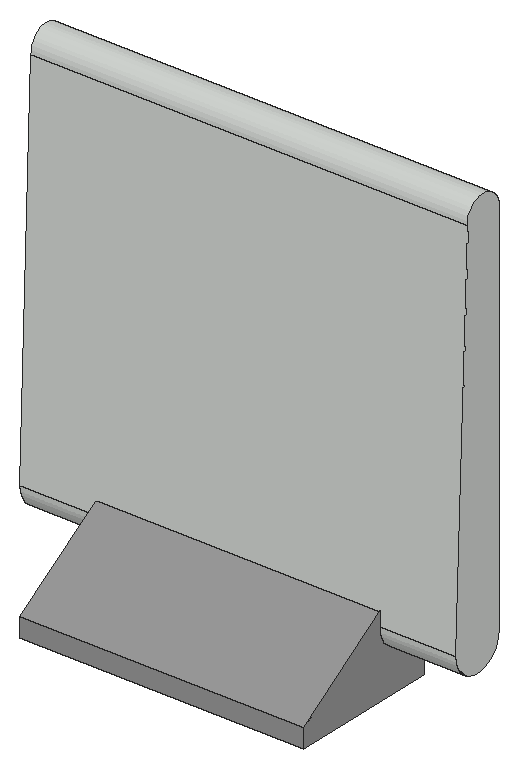
Revit family "KEUCO_14983010037", category Allgemeines Modell, Revit 2016
Family settings
  Teiletyp = Normal
  Kann Basisbauteil für Bewehrung sein = Nein
  Bemaßung runder Anschluss = Durchmesser verwenden
  Arbeitsebenenbasiert = Ja
  Immer vertikal = Nein
  Beim Laden mit Abzugskörper schneiden = Nein
  Gemeinsam genutzt = Nein
  Raumberechnungspunkt = Nein
Parameters (values of type "14983170038")
  Default Elevation = 1219.2 mm
  Verwendung = "DU"  # constant formula
  URL = "https://www.keuco.com/de/produkte/sortiment/artikel/?pid=14983&oid=2&pgo=25&country=de&lang=de&vid=14983170038"
  Preisgruppe = ""
  Material Regal = Lichtgrau (RAL 7035)
  Serie = "Plan"  # constant formula
  Materialien bei Hersteller anfragen = "Anfrage zu:  objektmanagement@keuco.de"
  Rahmen Material = Verchromt
  Länge = 370 mm
  Kategorie = "ACC"  # constant formula
  Hersteller = "KEUCO"  # constant formula
  Tiefe = 397 mm
  Gewicht = 0.522
  Beschreibung = "zur Wandmontage\r\nSoftsitz nach oben klappbar"
  Assembly Code = ""
  Ausschreibungstext = "KEUCO PLAN Klappsitz 14983170038\r\nLichtgrauer Klappsitz (RAL 7035) aus Polyurethan-Schaum \r\nin ästhetischem, funktionalem Design, zur Wandmontage\r\nfür sicheres Sitzen im Duschbereich\r\nWandhalter und Sitzträger als Design Element in lackiertem Aluminium\r\nantistatisch, leichte Reinigung \r\nkann mit max. 60%-igen Ethanol- oder Propanol-Lösungen desinfiziert werden, \r\nandere Desinfektionsmittel empfehlen sich nicht\r\nnach oben klappbarer Softsitz, belastbar bis 150 kg\r\nBreite 370 mm, Länge der Sitzfläche 360 mm\r\nAusladung 397 mm\r\nDer Sitz wird verdeckt angebracht \r\nTÜVRheinland zertifiziert\r\nDas Befestigungsmaterial ist separat zu bestellen!\r\n\r\nZur Montage (je nach Ankergrund/Mauerwerk) unbedingt erforderlich:\r\n\r\n3 x Befestigungs-Set 3 (Artikel-Nr. 34992000100)\r\noder\r\n3 x Befestigungs-Set 6 (Artikel-Nr. 34992000200)\r\noder\r\n3 x Befestigungs-Set 9 (Artikel-Nr. 34995000200)\r\noder\r\n3 x Befestigungs-Set 11 (Artikel-Nr. 34997000100)"
  Artikelnummer = "14983170038"
Types (6, lengths in mm): name | URL | Material Regal | Materialien bei Hersteller anfragen | Rahmen Material | Ausschreibungstext | Artikelnummer
  14983010037 | "https://www.keuco.com/de/produkte/sortiment/artikel/?pid=14983&oid=2&pgo=25&country=de&lang=de&vid=14983010037" | Schwarzgrau (RAL 7021) | "Request to:  objektmanagement@keuco.de" | Verchromt | "KEUCO PLAN Klappsitz 14983010037\r\nSchwarzgrauer Klappsitz (RAL 7021) aus Polyurethan-Schaum \r\nin ästhetischem, funktionalem Design, zur Wandmontage\r\nfür sicheres Sitzen im Duschbereich\r\nWandhalter und Sitzträger als Design-Element hochglanzverchromt\r\nantistatisch, leichte Reinigung \r\nkann mit max. 60%-igen Ethanol- oder Propanol-Lösungen desinfiziert werden, \r\nandere Desinfektionsmittel empfehlen sich nicht\r\nnach oben klappbarer Softsitz, belastbar bis 150 kg\r\nBreite 370 mm, Länge der Sitzfläche 360 mm\r\nAusladung 397 mm\r\nDer Sitz wird verdeckt angebracht \r\nTÜVRheinland zertifiziert\r\nDas Befestigungsmaterial ist separat zu bestellen!\r\n\r\nZur Montage (je nach Ankergrund/Mauerwerk) unbedingt erforderlich:\r\n\r\n3 x Befestigungs-Set 3 (Artikel-Nr. 34992000100)\r\noder\r\n3 x Befestigungs-Set 6 (Artikel-Nr. 34992000200)\r\noder\r\n3 x Befestigungs-Set 9 (Artikel-Nr. 34995000200)\r\noder\r\n3 x Befestigungs-Set 11 (Artikel-Nr. 34997000100)" | "14983010037"
  14983010038 | "https://www.keuco.com/de/produkte/sortiment/artikel/?pid=14983&oid=2&pgo=25&country=de&lang=de&vid=14983010038" | Lichtgrau (RAL 7035) | "Request to:  objektmanagement@keuco.de" | Verchromt | "KEUCO PLAN Klappsitz 14983010038\r\nLichtgrauer Klappsitz (RAL 7035) aus Polyurethan-Schaum \r\nin ästhetischem, funktionalem Design, zur Wandmontage\r\nfür sicheres Sitzen im Duschbereich\r\nWandhalter und Sitzträger als Design-Element hochglanzverchromt.\r\nantistatisch, leichte Reinigung.\r\nkann mit max. 60%-igen Ethanol- oder Propanol-Lösungen desinfiziert werden, \r\nandere Desinfektionsmittel empfehlen sich nicht\r\nnach Oben klappbarer Softsitz, belastbar bis 150 kg\r\nBreite 370 mm, Länge der Sitzfläche 360 mm\r\nAusladung 397 mm\r\nDer Sitz wird verdeckt angebracht und ist \r\nDas Befestigungsmaterial ist separat zu bestellen!\r\nTÜVRheinland zertifiziert\r\nZur Montage (je nach Ankergrund/Mauerwerk) unbedingt erforderlich:\r\n\r\n1 x Befestigungs-Set 3 (Artikel-Nr. 34992000100)\r\noder\r\n1 x Befestigungs-Set 6 (Artikel-Nr. 34992000200)\r\noder\r\n1 x Befestigungs-Set 9 (Artikel-Nr. 34995000200)\r\noder\r\n1 x Befestigungs-Set 11 (Artikel-Nr. 34997000100)" | "14983010038"
  14983010051 | "https://www.keuco.com/de/produkte/sortiment/artikel/?pid=14983&oid=2&pgo=25&country=de&lang=de&vid=14983010051" | Weiß (RAL 9010) | "Request to:  objektmanagement@keuco.de" | Verchromt | "KEUCO PLAN Klappsitz 14983010051\r\nWeißer Klappsitz (RAL 9010) aus Polyurethan-Schaum \r\nin ästhetischem, funktionalem Design, zur Wandmontage\r\nfür sicheres Sitzen im Duschbereich\r\nWandhalter und Sitzträger als Design-Element hochglanzverchromt\r\nantistatisch, leichte Reinigung \r\nkann mit max. 60%-igen Ethanol- oder Propanol-Lösungen desinfiziert werden, \r\nandere Desinfektionsmittel empfehlen sich nicht\r\nnach oben klappbarer Softsitz, belastbar bis 150 kg\r\nBreite 370 mm, Länge der Sitzfläche 360 mm\r\nAusladung 397 mm\r\nDer Sitz wird verdeckt angebracht \r\nTÜVRheinland zertifiziert\r\nDas Befestigungsmaterial ist separat zu bestellen!\r\n\r\nZur Montage (je nach Ankergrund/Mauerwerk) unbedingt erforderlich:\r\n\r\n3 x Befestigungs-Set 3 (Artikel-Nr. 34992000100)\r\noder\r\n3 x Befestigungs-Set 6 (Artikel-Nr. 34992000200)\r\noder\r\n3 x Befestigungs-Set 9 (Artikel-Nr. 34995000200)\r\noder\r\n3 x Befestigungs-Set 11 (Artikel-Nr. 34997000100)" | "14983010051"
  14983170037 | "https://www.keuco.com/de/produkte/sortiment/artikel/?pid=14983&oid=2&pgo=25&country=de&lang=de&vid=14983170037" | Schwarzgrau (RAL 7021) | "Request to:  objektmanagement@keuco.de" | Aluminium silber-eloxiert (E6 EV1) | "KEUCO PLAN Klappsitz 14983170037\r\nSchwarzgrauer Klappsitz (RAL 7021) aus Polyurethan-Schaum \r\nin ästhetischem, funktionalem Design, zur Wandmontage\r\nfür sicheres Sitzen im Duschbereich\r\nWandhalter und Sitzträger als Design-Element in lackiertem Aluminium.\r\nantistatisch, leichte Reinigung \r\nkann mit max. 60%-igen Ethanol- oder Propanol-Lösungen desinfiziert werden, \r\nandere Desinfektionsmittel empfehlen sich nicht\r\nnach oben klappbarer Softsitz, belastbar bis 150 kg\r\nBreite 370 mm, Länge der Sitzfläche 360 mm\r\nAusladung 397 mm\r\nDer Sitz wird verdeckt angebracht \r\nTÜVRheinland zertifiziert\r\nDas Befestigungsmaterial ist separat zu bestellen!\r\n\r\nZur Montage (je nach Ankergrund/Mauerwerk) unbedingt erforderlich:\r\n\r\n3 x Befestigungs-Set 3 (Artikel-Nr. 34992000100)\r\noder\r\n3 x Befestigungs-Set 6 (Artikel-Nr. 34992000200)\r\noder\r\n3 x Befestigungs-Set 9 (Artikel-Nr. 34995000200)\r\noder\r\n3 x Befestigungs-Set 11 (Artikel-Nr. 34997000100)" | "14983170037"
  14983170038 | "https://www.keuco.com/de/produkte/sortiment/artikel/?pid=14983&oid=2&pgo=25&country=de&lang=de&vid=14983170038" | Lichtgrau (RAL 7035) | "Anfrage zu:  objektmanagement@keuco.de" | Verchromt | "KEUCO PLAN Klappsitz 14983170038\r\nLichtgrauer Klappsitz (RAL 7035) aus Polyurethan-Schaum \r\nin ästhetischem, funktionalem Design, zur Wandmontage\r\nfür sicheres Sitzen im Duschbereich\r\nWandhalter und Sitzträger als Design Element in lackiertem Aluminium\r\nantistatisch, leichte Reinigung \r\nkann mit max. 60%-igen Ethanol- oder Propanol-Lösungen desinfiziert werden, \r\nandere Desinfektionsmittel empfehlen sich nicht\r\nnach oben klappbarer Softsitz, belastbar bis 150 kg\r\nBreite 370 mm, Länge der Sitzfläche 360 mm\r\nAusladung 397 mm\r\nDer Sitz wird verdeckt angebracht \r\nTÜVRheinland zertifiziert\r\nDas Befestigungsmaterial ist separat zu bestellen!\r\n\r\nZur Montage (je nach Ankergrund/Mauerwerk) unbedingt erforderlich:\r\n\r\n3 x Befestigungs-Set 3 (Artikel-Nr. 34992000100)\r\noder\r\n3 x Befestigungs-Set 6 (Artikel-Nr. 34992000200)\r\noder\r\n3 x Befestigungs-Set 9 (Artikel-Nr. 34995000200)\r\noder\r\n3 x Befestigungs-Set 11 (Artikel-Nr. 34997000100)" | "14983170038"
  14983170051 | "https://www.keuco.com/de/produkte/sortiment/artikel/?pid=14983&oid=2&pgo=25&country=de&lang=de&vid=14983170051" | Weiß (RAL 9010) | "Request to:  objektmanagement@keuco.de" | Aluminium silber-eloxiert (E6 EV1) | "KEUCO PLAN Klappsitz 14983170051\r\nWeißer Klappsitz (RAL 6010) aus Polyurethan-Schaum \r\nin ästhetischem, funktionalem Design, zur Wandmontage\r\nfür sicheres Sitzen im Duschbereich\r\nWandhalter und Sitzträger als Design-Element in lackiertem Aluminium.\r\nantistatisch, leichte Reinigung \r\nkann mit max. 60%-igen Ethanol- oder Propanol-Lösungen desinfiziert werden, \r\nandere Desinfektionsmittel empfehlen sich nicht\r\nnach oben klappbarer Softsitz, belastbar bis 150 kg\r\nBreite 370 mm, Länge der Sitzfläche 360 mm\r\nAusladung 397 mm\r\nDer Sitz wird verdeckt angebracht\r\nTÜVRheinland zertifiziert \r\nDas Befestigungsmaterial ist separat zu bestellen!\r\n\r\nZur Montage (je nach Ankergrund/Mauerwerk) unbedingt erforderlich:\r\n\r\n3 x Befestigungs-Set 3 (Artikel-Nr. 34992000100)\r\noder\r\n3 x Befestigungs-Set 6 (Artikel-Nr. 34992000200)\r\noder\r\n3 x Befestigungs-Set 9 (Artikel-Nr. 34995000200)\r\noder\r\n3 x Befestigungs-Set 11 (Artikel-Nr. 34997000100)" | "14983170051"
Reference planes
  plane 1 "Center (Front/Back)": y = 0
  plane 2: z = 0
  plane 3 "Center (Left/Right)": x = 0
  plane 4: x = -185
  plane 5: x = 185
  plane 6: z = 397
Forms (mm)
  Extrusion 1, solid, material "Verchromt" <- "Rahmen Material"
    sketch origin (0, 0, 0) x (0, 1, 0) y (0, 0, 1)
      loop
        line (2.391, 0) -> (2.391, 65)
        arc (2.391, 65) -> (-6.575, 81.492) -> (-25.34, 80.969) r 17.947
        line (-25.34, 80.969) -> (-125.6, 15.534) -> (-125.6, 0) -> (2.391, 0)
    from -120.264 to 119.833
  Extrusion 2, solid, material "Lichtgrau (RAL 7035)" <- "Material Regal"
    sketch origin (0, 0, 0) x (0, 1, 0) y (0, 0, 1)
      loop
        arc (0, 380.125) -> (-17.075, 396.681) -> (-33.095, 379.103) r 16.563
        line (-33.095, 379.103) -> (-45, 57)
        arc (-45, 57) -> (-22.5, 34.5) -> (0, 57) r 22.5
        line (0, 57) -> (0, 380.125)
    from -185 to 185
Lines and regions (mm)
  symbolic lines, style "GenericModel"
    curve 1: line (-185, 0, 396.688) -> (185, 0, 396.688)
    curve 2: line (-185, 0, 34.5) -> (-185, 0, 396.688)
    curve 3: line (-120.264, 0, 34.5) -> (-185, 0, 34.5)
    curve 4: line (185, 0, 396.688) -> (185, 0, 34.5)
    curve 9: line (185, 0, 34.5) -> (119.833, 0, 34.5)
  symbolic lines, style "GenericModel", detail levels fine
    curve 5: line (-120.264, 0, 65) -> (119.833, 0, 65)
    curve 6: line (-120.264, 0, 0) -> (-120.264, 0, 65)
    curve 7: line (119.833, 0, 0) -> (-120.264, 0, 0)
    curve 8: line (119.833, 0, 65) -> (119.833, 0, 0)
  symbolic lines, style "GenericModel", detail levels coarse+medium
    curve 10: line (-120.264, 0, 34.5) -> (119.833, 0, 34.5)
Dimensions and locks
  Extrusion 1 to plane 3 "Center (Left/Right)" to Extrusion 1 = 120.264 mm, 119.833 mm
  equal spacing: plane 5, plane 3 "Center (Left/Right)", plane 4
  "Länge": plane 5 to plane 4
  "Tiefe": plane 6 to level
  aligned and locked: level to plane 2
Automatic sketch dimensions
  Extrusion 2 sketch curve to plane 6 = 17.897 mm
  Extrusion 2 sketch curve to plane 1 "Center (Front/Back)" = 0 mm
  plane 1 "Center (Front/Back)" to Extrusion 2 sketch curve = 16.563 mm
  plane 1 "Center (Front/Back)" to Extrusion 2 sketch curve = 22.5 mm
  level to Extrusion 2 sketch curve = 57 mm
  Extrusion 1 sketch curve to level = 0 mm
  plane 1 "Center (Front/Back)" to Extrusion 1 sketch curve = 125.6 mm
  plane 1 "Center (Front/Back)" to Extrusion 1 sketch curve = 15.531 mm
  Extrusion 1 sketch curve to plane 1 "Center (Front/Back)" = 2.391 mm
  level to Extrusion 1 sketch curve = 15.534 mm
  level to Extrusion 1 sketch curve = 65 mm
  Extrusion 1 sketch curve to Extrusion 1 sketch curve = 0.94 mm
  Extrusion 1 sketch curve to Extrusion 1 sketch curve = 9.809 mm
  curve 7 to level = 0 mm
  plane 4 to curve 7 = 64.736 mm
  curve 5 to plane 5 = 65.167 mm
  level to curve 3 = 34.5 mm
  level to curve 4 = 34.5 mm
  curve 9 to curve 5 = 30.5 mm
  curve 2 to plane 6 = 0.312 mm
  curve 10 to curve 3 = 0 mm  (x2)
  curve 2 to plane 4 = 0 mm
  curve 9 to plane 5 = 0 mm
  curve 5 to curve 3 = 0 mm
  curve 5 to curve 9 = 0 mm
  curve 10 to curve 9 = 0 mm
